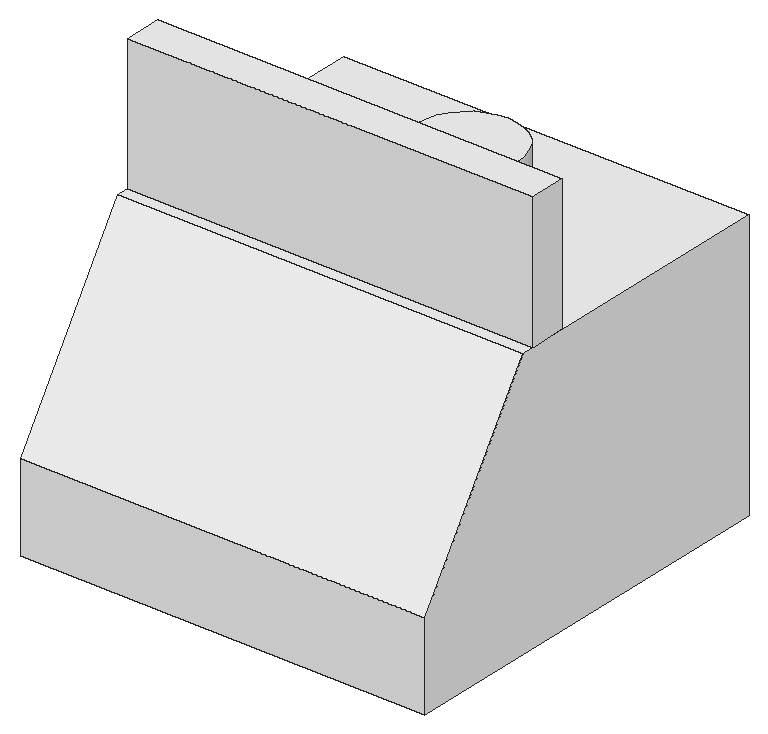
Revit family "v-604ksw8(-bl)_60Hz", category 機械設備, Revit 2019
Family settings
  丸型コネクタ寸法 = 直径を使用
  パーツ タイプ = 標準
  OmniClass 番号 = 23.75.35.17.27
  OmniClass タイトル = Centrifugal Fans
  作業面ベース = いいえ
  常に垂直 = はい
  ロード時にボイドで切り取り = いいえ
  共有 = いいえ
  部屋計算ポイント = いいえ
Parameters (values of type "V-604KSW8")
  騒音レベル(dB(A)) = 39
  風量 = 575.0 m³/h
  電源種別 [instance] = ""
  電圧 = 100 V
  電動機出力 = 0 W
  電動機_種別 = ""
  集中コントローラ = ""
  運転質量 = 0.00 kg
  連動 [instance] = ""
  質量 = if(製品質量 > 運転質量, 製品質量, 運転質量) * 1.2  # 19.80 kg
  負荷分類 = 3_ファン類
  説明 = "レンジフードファン 深形 標準タイプ 壁スイッチタイプ"
  設計風量 = 0.0 m³/h
  設置方法 = "天吊"
  記号 [instance] = ""
  製造元 = "三菱電機株式会社"
  製品質量 = 16.50 kg
  製品出荷対象 = "国内"
  製品リリース年月 = "2022年6月1日"
  製品グループ = ""
  系統 [instance] = ""
  符号 = if(☑給気／□排気, "FS", "FE")  # "FE"
  積算_科目 = "2 換気設備"
  積算_拾い区分 [instance] = ""
  相 = 1
  盤記号 [instance] = ""
  発停方法 [instance] = ""
  特殊仕様 [instance] = ""
  火災停止 [instance] = ""
  消費電力 = 88 W
  法定耐用年数 = "15"
  機外静圧_排気 = 210.0 Pa
  機外静圧 = 0.0 Pa
  極数 = 2
  材質 [instance] = ""
  操作・制御方式 = ""
  操作・制御スイッチ = ""
  排気量 = 0.0 m³/h
  形式 = "片吸込形"
  幹線記号 [instance] = ""
  対象室 [instance] = ""
  実風量 = 0.0 m³/h
  始動方式 [instance] = "直入"
  天吊用穴_D_後・上配管 = 255 mm
  天吊用穴_D_右・左配管 = 290 mm
  天吊用穴_ピッチ = 480 mm
  外気量 = 0.0 m³/h
  呼称 = "遠心送風機"
  周波数 = 60 Hz
  参照している仕様書等のバージョン = ""
  分類コード = "50052503100060"
  分類グループ = ""
  価格 = 102400
  企業コード = "108420"
  付属品_フィルター_還気 = ""
  付属品_フィルター = ""
  付属品 [instance] = ""
  仕様書バージョン = "Version1.0"
  モデル = "V-604KSW8"
  マテリアル = 鋼板(白)
  ファンの種類 = ""
  ダクト径 = 150 mm
  コメント [instance] = ""
  Keynote = ""
  Assembly Code = ""
  ☑給気／□排気 = no
  Width = 600 mm
  W1 = Width / 2  # 300 mm
  Version = ""
  Uniclass2015Version = "Systems v1.9"
  Uniclass2015Title = "Centrifugal fans"
  Uniclass2015Code = "Pr_65_67_29_12"
  URL = "https://www.mitsubishielectric.co.jp/ldg/wink/ssl/displayProduct.do?pid=320919"
  SpecificationReference = ""
  SpecificationDescription = ""
  Revision = ""
  ProductInformation = ""
  OmniClassCode = "23-33 31 19 13 15"
  MIN風量 = 335.0 m³/h
  MIN静圧 = 0.0 Pa
  MID風量 = 0.0 m³/h
  MID静圧 = 0.0 Pa
  MAX風量 = 575.0 m³/h
  MAX静圧 = 0.0 Pa
  IfcTypeProduct = ""
  IfcProduct = ""
  IfcExportType = "CENTRIFUGALFORWARDCURVED"
  IfcExportAs = "IfcFanType"
  Height = 400 mm
  H2 = 600 mm
  H1 = 129 mm
  EAサイズ_D = 148 mm
  Duct_Height = 55 mm
  Duct_D = 145 mm
  Depth = 600 mm
  D3 = 55 mm
  D2 = 400 mm
  D1 = 419 mm
  Clearance Top = 0 mm
  Clearance Right = 0 mm
  Clearance Left = 0 mm
  Clearance Front = 0 mm
  Clearance Bottom = 0 mm
  Clearance Back = 0 mm
  Author = "三菱電機株式会社"
Types (2, lengths in mm): name | 騒音レベル(dB(A)) | 風量 | 質量 | 製品質量 | 消費電力 | 価格 | モデル | URL | MIN風量 | MAX風量 | Depth | D2 | D1
  V-604KSW8 | 39 | 575.0 m³/h | 19.80 kg | 16.50 kg | 88 W | 102400 | "V-604KSW8" | "https://www.mitsubishielectric.co.jp/ldg/wink/ssl/displayProduct.do?pid=320919" | 335.0 m³/h | 575.0 m³/h | 600 | 400 | 419
  V-604KSW8-BL | 42 | 630.0 m³/h | 20.40 kg | 17.00 kg | 133 W | 109800 | "V-604KSW8-BL" | "https://www.mitsubishielectric.co.jp/ldg/wink/ssl/displayProduct.do?pid=320920" | 345.0 m³/h | 630.0 m³/h | 650 | 375 | 469
Reference planes
  plane 1 "中心(正面/背面)": y = 0
  plane 2: z = 0
  plane 3 "中心(左/右)": x = 0
  plane 4: x = -300
  plane 5: x = 300
  plane 6: y = -600
  plane 7: z = -400
  plane 8: z = -271
  plane 9: z = 55
  plane 10: y = -300
  plane 11: y = -419
  plane 12: y = -145
  plane 13: z = 200
  plane 14: y = -345
  plane 15: y = -400
  plane 16: x = -240
  plane 17: x = 240
  plane 18: y = -255
  plane 19: y = -290
  plane 20: x = -150
  plane 21: x = 150
Forms (mm)
  Extrusion 1, solid, material "鋼板(白)" <- "マテリアル", detail levels fine
    sketch origin (0, 0, 0) x (1, 0, 0) y (0, 1, 0)
      loop
        line (-300, 0) -> (-300, -419) -> (300, -419) -> (300, 0) -> (-300, 0)
    from -400 to 0
  Blend 2, solid, material "鋼板(白)" <- "マテリアル", detail levels fine
    base sketch origin (0, 0, 0) x (1, 0, 0) y (0, 0, 1)
      loop
        line (-300, -400) -> (300, -400) -> (300, 0) -> (-300, 0) -> (-300, -400)
    top sketch origin (0, 0, 0) x (1, 0, 0) y (0, 0, 1)
      loop
        line (-300, -400) -> (300, -400) -> (300, -271) -> (-300, -271) -> (-300, -400)
    from 419 to 600
  Extrusion 3, solid, material "鋼板(白)" <- "マテリアル", detail levels fine
    sketch origin (0, 0, 0) x (1, 0, 0) y (0, 1, 0)
      loop
        circle (0, -145) r 74
    from 0 to 55
  Extrusion 4, solid, material "鋼板(白)" <- "マテリアル", detail levels fine
    sketch origin (0, 0, 0) x (1, 0, 0) y (0, 1, 0)
      loop
        line (-300, -345) -> (-300, -400) -> (300, -400) -> (300, -345) -> (-300, -345)
    from 0 to 200
Cuts and joins
  joined: Extrusion 1, Blend 2
Lines and regions (mm)
  Masking region 1, detail levels coarse+medium
    outline origin (1326.5, 29, 0) x (1, 0, 0) y (0, 1, 0)
      loop
        line (-1626.5, -29) -> (-1626.5, -629) -> (-1026.5, -629) -> (-1026.5, -29) -> (-1626.5, -29)
  symbolic lines, detail levels coarse+medium
    curve 1: circle (-150, -300, 0) r 150 normal (0, 0, 1)
    curve 2: circle (150, -300, 0) r 150 normal (0, 0, 1)
Dimensions and locks
  equal spacing: plane 4, plane 3 "中心(左/右)", plane 5
  "Width": plane 4 to plane 5
  equal spacing: plane 6, plane 10, plane 1 "中心(正面/背面)"
  "Depth": plane 1 "中心(正面/背面)" to plane 6
  "D1": plane 1 "中心(正面/背面)" to plane 11
  "Duct_D": plane 1 "中心(正面/背面)" to plane 12
  "Height": level to plane 7
  "Duct_Height": plane 9 to level
  "H1": plane 8 to plane 7
  "H2": plane 13 to plane 7
  "D3": plane 14 to plane 15
  "D2": plane 1 "中心(正面/背面)" to plane 15
  "天吊用穴_ピッチ": plane 16 to plane 17
  equal spacing: plane 16, plane 3 "中心(左/右)", plane 17
  "天吊用穴_D_後・上配管": plane 1 "中心(正面/背面)" to plane 18
  "天吊用穴_D_右・左配管": plane 1 "中心(正面/背面)" to plane 19
  equal spacing: plane 4, plane 20, plane 3 "中心(左/右)"
  equal spacing: plane 3 "中心(左/右)", plane 21, plane 5
  "EAサイズ_D": diameter of Extrusion 3 sketch curve
  "W1": diameter of curve 1
  "W1": diameter of curve 2
  aligned and locked: level to plane 2
  aligned and locked: Masking region 1 to plane 4
  aligned and locked: plane 5 to Masking region 1
  aligned and locked: Masking region 1 to plane 6
  aligned and locked: Masking region 1 to plane 1 "中心(正面/背面)"
  aligned and locked: plane 1 "中心(正面/背面)" to Extrusion 1 sketch curve
  aligned and locked: plane 4 to Extrusion 1 sketch curve
  aligned and locked: plane 11 to Extrusion 1 sketch curve
  aligned and locked: Extrusion 1 sketch curve to plane 5
  aligned and locked: Blend 2 sketch curve to plane 7  (x2)
  aligned and locked: level to Blend 2 sketch curve
  aligned and locked: Blend 2 sketch curve to plane 5
  aligned and locked: Blend 2 sketch curve to plane 4
  aligned and locked: var sketch to Blend 2 sketch curve
  aligned and locked: Extrusion 1 to plane 7
  aligned and locked: level to Extrusion 1
  aligned and locked: Blend 2 to plane 6
  aligned and locked: plane 11 to Blend 2
  aligned and locked: plane 9 to Extrusion 3
  aligned and locked: Extrusion 3 to level
  aligned and locked: plane 8 to Blend 2 sketch curve
  aligned and locked: Extrusion 4 sketch curve to plane 14
  aligned and locked: plane 4 to Extrusion 4 sketch curve
  aligned and locked: plane 15 to Extrusion 4 sketch curve
  aligned and locked: Extrusion 4 sketch curve to plane 5
  aligned and locked: plane 13 to Extrusion 4
  aligned and locked: Extrusion 4 to level
  aligned and locked: nested 1 to plane 19
  aligned and locked: plane 18 to nested 1
  aligned and locked: plane 16 to nested 1
  aligned and locked: plane 17 to nested 1
Automatic sketch dimensions
  Masking region 1 sketch curve to plane 4 = 0 mm
  Masking region 1 sketch curve to plane 5 = 0 mm
  Masking region 1 sketch curve to plane 6 = 0 mm
  plane 1 "中心(正面/背面)" to Masking region 1 sketch curve = 0 mm
  Blend 2 sketch curve to plane 4 = 0 mm
  Extrusion 3 sketch curve to plane 3 "中心(左/右)" = 0 mm
  Extrusion 3 sketch curve to plane 12 = 0 mm
  curve 1 to plane 10 = 0 mm
  curve 1 to plane 20 = 0 mm
  curve 2 to plane 10 = 0 mm
  curve 2 to plane 21 = 0 mm
Nested families
  nested 1: "固定点" at (-240, -290, 0), type "固定点"
    with W 480 mm, D 35 mm
Connectors
  hvac at (0, -145, 55), driven by "ダクト径", driven by "機外静圧", driven by "風量"
    settings: on Extrusion 3, index 1, duct flow 575.0 m³/h, flow factor 0, pres drop 0.0 Pa, loss coef 0, conn angle 0.00°, conn width 304.8 mm, conn height 304.8 mm, conn diameter 150 mm, duct sys type 3, conn prof type 0, flow config 0, flow direction 2, loss method 4, conn ref index -1, conn util no, is conn primary yes, conn desc ""
  electrical at (0, -209.5, 0), driven by "極数", driven by "負荷分類", driven by "電圧", driven by "消費電力"
    settings: on cut or joined group of Extrusion 1, Blend 2, index 2, voltage 100 V, apparent load 88 VA, apparent load phase1 0 VA, apparent load phase2 0 VA, apparent load phase3 0 VA, power factor 1, load classification "3_ファン類", number of poles 2, system type 30, power factor state 1, is connector primary yes, connector utility no, sub classification motor no, connector description ""
Definition of nested family "固定点"
  Parameters (values of type "固定点")
    中心円 = 20 mm
    W [instance] = 1000 mm
    D [instance] = 1000 mm
  Reference planes
    plane 1 "中心(正面/背面)": y = 0
    plane 2: z = 0
    plane 3 "中心(左/右)": x = 0
    plane 4: x = 1000
    plane 5: y = 1000
  Lines and regions (mm)
    symbolic lines, detail levels fine
      curve 1: circle (0, 1000, 0) r 10 normal (0, 0, 1)
      curve 2: circle (0, 0, 0) r 10 normal (0, 0, 1)
      curve 3: circle (1000, 1000, 0) r 10 normal (0, 0, 1)
      curve 4: circle (1000, 0, 0) r 10 normal (0, 0, 1)
      curve 5: line (-200, 1000, 0) -> (1200, 1000, 0)
      curve 6: line (-200, 0, 0) -> (1200, 0, 0)
      curve 7: line (0, 1200, 0) -> (0, -200, 0)
      curve 8: line (1000, 1200, 0) -> (1000, -200, 0)
  Dimensions and locks
    "W": plane 3 "中心(左/右)" to plane 4
    "D": plane 1 "中心(正面/背面)" to plane 5
    "中心円": diameter of curve 1
    "中心円": diameter of curve 2
    "中心円": diameter of curve 3
    "中心円": diameter of curve 4
    aligned and locked: level to plane 2
    aligned and locked: plane 5 to curve 1
    aligned and locked: plane 3 "中心(左/右)" to curve 1
    aligned and locked: plane 3 "中心(左/右)" to curve 2
    aligned and locked: plane 1 "中心(正面/背面)" to curve 2
    aligned and locked: plane 4 to curve 3
    aligned and locked: plane 5 to curve 3
    aligned and locked: plane 1 "中心(正面/背面)" to curve 4
    aligned and locked: plane 4 to curve 4
    aligned and locked: plane 1 "中心(正面/背面)" to curve 6
    aligned and locked: curve 7 to plane 3 "中心(左/右)"
    aligned and locked: curve 8 to plane 4
  Automatic sketch dimensions
    curve 5 to plane 5 = 0 mm
    curve 6 to plane 3 "中心(左/右)" = 200 mm
    curve 5 to plane 3 "中心(左/右)" = 200 mm
    curve 4 to curve 6 = 200 mm
    curve 3 to curve 5 = 200 mm
    plane 1 "中心(正面/背面)" to curve 8 = 200 mm
    plane 1 "中心(正面/背面)" to curve 7 = 200 mm
    curve 3 to curve 8 = 200 mm
    curve 1 to curve 7 = 200 mm
